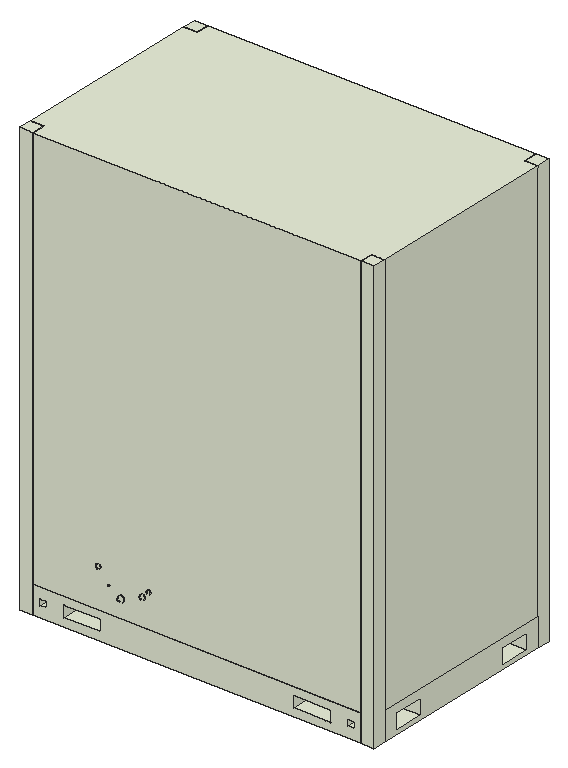
Revit family "AF5300A 56-62", category HLS-Bauteile, Revit 2017 (continued)
Definition of nested family "Icon"
  Lines and regions (mm)
    model lines, detail levels medium+fine
      curve 29: arc (-1105, -88.467, 1695.245) -> (-1105, -66.687, 1673.465) -> (-1105, -88.467, 1651.685) r 21.78
      curve 30: line (-1105, -88.467, 1703.088) -> (-1105, -88.467, 1695.245)
      curve 31: line (-1105, -88.467, 1651.685) -> (-1105, -88.467, 1643.088)
      curve 32: line (-1105, -110.543, 1704.106) -> (-1105, -110.543, 1639.106)
      curve 33: line (-1105, -110.543, 1639.106) -> (-1105, -115.543, 1639.106)
      curve 34: line (-1105, -115.543, 1639.106) -> (-1105, -115.543, 1664.106)
      curve 35: line (-1105, -115.543, 1664.106) -> (-1105, -135.543, 1664.106)
      curve 36: line (-1105, -135.543, 1664.106) -> (-1105, -135.543, 1639.106)
      curve 37: line (-1105, -135.543, 1639.106) -> (-1105, -140.543, 1639.106)
      curve 38: line (-1105, -140.543, 1639.106) -> (-1105, -140.543, 1704.106)
      curve 39: line (-1105, -135.543, 1704.106) -> (-1105, -135.543, 1673.26)
      curve 40: line (-1105, -135.543, 1673.26) -> (-1105, -115.543, 1673.26)
      curve 41: line (-1105, -115.543, 1673.26) -> (-1105, -115.543, 1704.106)
      curve 42: line (-1105, -115.543, 1704.106) -> (-1105, -110.543, 1704.106)
      curve 43: arc (-1105, 83.615, 1704.381) -> (-1105, 59.286, 1700.68) -> (-1105, 58.566, 1676.082) r 19.207
      curve 44: arc (-1105, 79.734, 1652.298) -> (-1105, 62.655, 1655.005) -> (-1105, 62.565, 1672.298) r 13.355
      curve 45: line (-1105, -140.543, 1704.106) -> (-1105, -135.543, 1704.106)
  Dimensions and locks
    aligned and locked: level to plane 2
Definition of nested family "Left icon"
  Parameters
    clearance access right = 1000.000 mm
    clearance access left = 1000.000 mm
    clearance access front = 1000.000 mm
    clearance access behind = 1000.000 mm
    clearance [instance] = no
    Width = 1730.000 mm
    URL = ""
    Series = "VRF"
    Power supply = "380-415V 3N~50Hz/60Hz"
    Net Weight = 475.00 kg
    Model = "AF5300A 90-3"
    Minimum Circuit Amps = 66.9 A
    Maximum Fuse Amps = 80 A
    Manufacturer = "Midea"
    Machine material = none
    Liquid pipe = 22.200 mm
    Installation = "Outdoor installation"
    Height = 1830.000 mm
    Heating Power Input = 25.700 kW
    Heating Capacity = 90.000 kW
    Gas pipe = 38.100 mm
    Gas = "R410A"
    Description = "High efficiency air cooled"
    Depth = 850.000 mm
    Cooling Power Input = 31.000 kW
    Cooling Capacity = 90.000 kW
    Condensation = "Air"
    Compressor = "2"
    Casing color = "White"
    Air Flow = 24000.000 m³/h
  Reference planes
    plane 1 "中心(前/后)": y = 0
    plane 2: z = 0
    plane 3 "中心(左/右)": x = 0
    plane 4: x = -1105
    plane 5: y = -382
    plane 6: y = 468
    plane 7: x = 625
  Lines and regions (mm)
    model lines, detail levels medium+fine
      curve 1: line (-1105, 211.629, 1760.245) -> (-1105, -208.371, 1760.245)
      curve 2: line (-1105, -208.371, 1760.245) -> (-1105, -208.371, 1580.245)
      curve 3: line (-1105, -208.371, 1580.245) -> (-1105, 211.629, 1580.245)
      curve 4: line (-1105, 211.629, 1580.245) -> (-1105, 211.629, 1760.245)
      curve 5: circle (-1105, -151.584, 1670.245) r 40 normal (-1, 0, 0)
      curve 6: line (-1105, -171.584, 1685.245) -> (-1105, -171.584, 1655.245)
      curve 7: line (-1105, -131.584, 1685.245) -> (-1105, -131.584, 1655.245)
      curve 8: arc (-1105, -171.584, 1685.245) -> (-1105, -179.236, 1670.245) -> (-1105, -171.584, 1655.245) r 18.528
      curve 9: arc (-1105, -131.584, 1685.245) -> (-1105, -123.933, 1670.245) -> (-1105, -131.584, 1655.245) r 18.528
      curve 10: line (-1105, -171.584, 1676.154) -> (-1105, -131.584, 1676.154)
      curve 11: line (-1105, -171.584, 1664.337) -> (-1105, -131.584, 1664.337)
      curve 12: line (-1105, -80.357, 1704.381) -> (-1105, -80.357, 1652.36)
      curve 13: arc (-1105, -55.309, 1676.082) -> (-1105, -54.876, 1650.538) -> (-1105, -80.357, 1652.36) r 17.317
      curve 14: line (-1105, -75.392, 1698.045) -> (-1105, -75.392, 1678.154)
      curve 15: line (-1105, -75.392, 1678.154) -> (-1105, -60.392, 1678.154)
      curve 16: line (-1105, -75.392, 1678.154) -> (-1105, -75.392, 1698.045)
      curve 17: spline (-1105, -75.392, 1698.045) -> (-1105, -72.752, 1699.504) -> (-1105, -69.782, 1700.185) -> (-1105, -66.682, 1700.043) -> (-1105, -63.665, 1699.087) -> (-1105, -60.936, 1697.382) -> (-1105, -58.681, 1695.045) -> (-1105, -57.054, 1692.234) -> (-1105, -56.165, 1689.142) -> (-1105, -56.076, 1685.978) -> (-1105, -56.791, 1682.959) -> (-1105, -58.263, 1680.29) -> (-1105, -60.392, 1678.154)
      curve 18: line (-1105, -76.476, 1672.298) -> (-1105, -59.307, 1672.298)
      curve 19: line (-1105, -76.476, 1672.298) -> (-1105, -76.476, 1652.298)
      curve 20: arc (-1105, -80.357, 1704.381) -> (-1105, -56.028, 1700.68) -> (-1105, -55.309, 1676.082) r 19.207
      curve 21: arc (-1105, -76.476, 1652.298) -> (-1105, -59.397, 1655.005) -> (-1105, -59.307, 1672.298) r 13.355
      curve 22: spline (-1105, -20.357, 1703.893) -> (-1105, -17.122, 1702.948) -> (-1105, -14.107, 1700.177) -> (-1105, -11.518, 1695.768) -> (-1105, -9.532, 1690.023) -> (-1105, -8.283, 1683.333) -> (-1105, -7.857, 1676.154) -> (-1105, -8.283, 1668.975) -> (-1105, -9.532, 1662.284) -> (-1105, -11.518, 1656.539) -> (-1105, -14.107, 1652.131) -> (-1105, -17.122, 1649.36) -> (-1105, -20.357, 1648.415) -> (-1105, -23.593, 1649.36) -> (-1105, -26.607, 1652.131) -> (-1105, -29.196, 1656.539) -> (-1105, -31.183, 1662.284) -> (-1105, -32.431, 1668.975) -> (-1105, -32.857, 1676.154) -> (-1105, -32.431, 1683.333) -> (-1105, -31.183, 1690.023) -> (-1105, -29.196, 1695.768) -> (-1105, -26.607, 1700.177) -> (-1105, -23.593, 1702.948) -> (-1105, -20.357, 1703.893)
      curve 23: spline (-1105, -20.357, 1709.139) -> (-1105, -16.216, 1708.015) -> (-1105, -12.357, 1704.72) -> (-1105, -9.044, 1699.478) -> (-1105, -6.501, 1692.647) -> (-1105, -4.902, 1684.691) -> (-1105, -4.357, 1676.154) -> (-1105, -4.902, 1667.617) -> (-1105, -6.501, 1659.661) -> (-1105, -9.044, 1652.83) -> (-1105, -12.357, 1647.588) -> (-1105, -16.216, 1644.293) -> (-1105, -20.357, 1643.169) -> (-1105, -24.498, 1644.293) -> (-1105, -28.357, 1647.588) -> (-1105, -31.671, 1652.83) -> (-1105, -34.214, 1659.661) -> (-1105, -35.812, 1667.617) -> (-1105, -36.357, 1676.154) -> (-1105, -35.812, 1684.691) -> (-1105, -34.214, 1692.647) -> (-1105, -31.671, 1699.478) -> (-1105, -28.357, 1704.72) -> (-1105, -24.498, 1708.015) -> (-1105, -20.357, 1709.139)
      curve 24: line (-1105, 37.072, 1705.823) -> (-1105, 37.072, 1700.823)
      curve 25: line (-1105, 18.948, 1686.193) -> (-1105, 12.691, 1646.685)
      curve 26: line (-1105, 18.948, 1686.193) -> (-1105, 37.072, 1700.823)
      curve 27: line (-1105, 12.916, 1688.909) -> (-1105, 12.916, 1650.995)
      curve 28: line (-1105, 12.916, 1688.909) -> (-1105, 37.072, 1705.823)
      curve 29: line (-1105, 12.691, 1646.685) -> (-1105, 12.691, 1651.685)
      curve 30: arc (-1105, 91.725, 1703.088) -> (-1105, 61.725, 1673.088) -> (-1105, 91.725, 1643.088) r 30
      curve 31: arc (-1105, 91.725, 1695.245) -> (-1105, 69.945, 1673.465) -> (-1105, 91.725, 1651.685) r 21.78
      curve 32: line (-1105, 91.725, 1703.088) -> (-1105, 91.725, 1695.245)
      curve 33: line (-1105, 91.725, 1651.685) -> (-1105, 91.725, 1643.088)
      curve 34: line (-1105, 113.801, 1704.106) -> (-1105, 113.801, 1639.106)
      curve 35: line (-1105, 113.801, 1639.106) -> (-1105, 118.801, 1639.106)
      curve 36: line (-1105, 118.801, 1639.106) -> (-1105, 118.801, 1664.106)
      curve 37: line (-1105, 118.801, 1664.106) -> (-1105, 138.801, 1664.106)
      curve 38: line (-1105, 138.801, 1664.106) -> (-1105, 138.801, 1639.106)
      curve 39: line (-1105, 143.801, 1639.106) -> (-1105, 143.801, 1704.106)
      curve 40: line (-1105, 138.801, 1704.106) -> (-1105, 138.801, 1673.26)
      curve 41: line (-1105, 138.801, 1673.26) -> (-1105, 118.801, 1673.26)
      curve 42: line (-1105, 118.801, 1673.26) -> (-1105, 118.801, 1704.106)
      curve 43: line (-1105, 118.801, 1704.106) -> (-1105, 113.801, 1704.106)
      curve 44: line (-1105, 143.801, 1704.106) -> (-1105, 138.801, 1704.106)
      curve 45: line (-1105, 138.801, 1639.106) -> (-1105, 143.801, 1639.106)
  Dimensions and locks
    aligned and locked: level to plane 2
Types (2, lengths in mm): name | Modell | Minimum Circuit Amps | Heating Power Input | Heating Capacity | Cooling Power Input | Cooling Capacity
  AF5300A 56-3 | "AF5300A 56-3" | 45.9 A | 13.800 kW | 56.000 kW | 16.000 kW | 56.000 kW
  AF5300A 62-3 | "AF5300A 62-3" | 47.9 A | 17.600 kW | 61.500 kW | 20.200 kW | 61.500 kW
